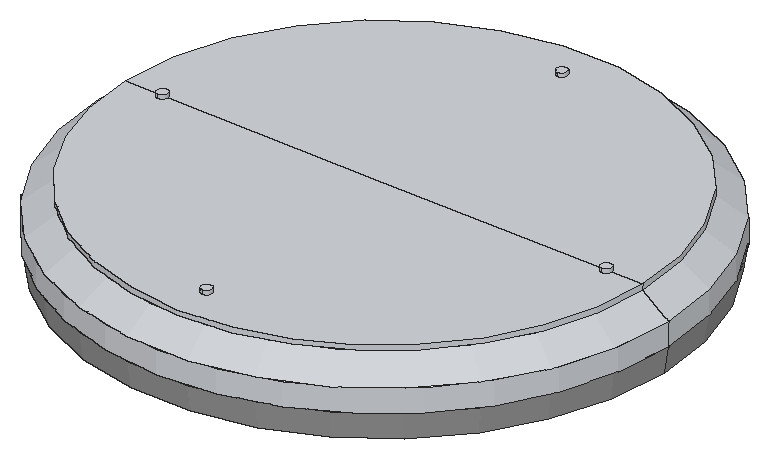
Revit family "A35-S555 BL 4000 HF 830_Unhosted", category Lighting Fixtures, Revit 2016
Family settings
  Part Type = Normal
  Round Connector Dimension = Use Diameter
  OmniClass Number = 23.80.70.00
  OmniClass Title = Lighting
  Work Plane-Based = No
  Always vertical = Yes
  Cut with Voids When Loaded = No
  Light Source = Yes
  Shared = No
  Room Calculation Point = No
Parameters
  Wiring Accessories = ""
  Wattage Comments = ""
  Wattage = 34 W
  VoltageMax = 240 V
  built-in parameter 1150110 = 1 (stored number, unit not read)
  Voltage = 220 V
  UpdateDate = "25.01.2021 10:33:33"
  URL UK = "http://glamox.com/uk/products/A35-S"
  URL Sweden = "http://glamox.com/se/produkter/A35-S/items/A35540572"
  URL Russia = "http://glamox.com/ru/products/A35-S"
  URL Other = "http://glamox.com/gsx/products/A35-S"
  URL Norway = "http://glamox.com/no/produkter/A35-S/items/A35540572"
  URL Ireland = "http://glamox.com/ie/products/A35-S"
  URL Germany = "http://glamox.com/de/products/A35-S/items/A35540572"
  URL Finland = "http://glamox.com/fi/products/A35-S"
  URL Estonia = "http://glamox.com/ee/products/A35-S"
  URL Denmark = "http://glamox.com/dk/produkter/A35-S/items/A35540572"
  URL = ""
  TypeOfEmergency = ""
  TypeOfBallast = "HF = High frequency"
  TotalWattage = 34 W
  Total Load = 34 W
  built-in parameter 1114217 = 1 (stored number, unit not read)
  Termination = "5x2x2,5 PI"
  Specification = "False"
  Remark = ""
  RatedVoltage = 220 V
  PowerFactor = 98.00%
  Plug Type = ""
  Optic = "OP"
  NominalFrequencyRange = 50 Hz
  ModelReference = "A35-S"
  ModelLabel = "A35-S555 BL 4000 HF 830"
  Maximum TA = 25
  MaintenanceFactor = 0
  MFArtNo = "A35540572"
  LightFixturePlacingType = "CEILING"
  LightFixtureMountingType = "SURFACE"
  LampBase = ""
  Lamp Wattage Comments = ""
  IP_Code = "54"
  IPClass = "54"
  IK_Code = ""
  IFC Classification = "Light Fixture"
  GlobalTradeItemNumber = "4741145405720"
  Glamox Mounting = "Surface"
  Glamox Family = "A35-S"
  Glamox Category = "Architectural"
  FrequencyMax = 60 Hz
  Frequency = 50 Hz
  Expired = "0"
  ELNo Norway = ""
  ELNo Finland = ""
  EANNo = "4741145405720"
  DurationInBatteryMode = ""
  Distance2 = Radius * 0.78  # 216.45 mm
  Tilt Angle = 90.00°
  built-in parameter 1150109 = 1 (stored number, unit not read)
  built-in parameter 1150134 = (empty or 0)
  built-in parameter 1150113 = 1 (stored number, unit not read)
  Power Factor = 0.98
  Photometric Web File = "A35-S555-4000-830.ies"
  Number of Poles = 1
  LumDiameter = Diameter  # 555 mm
  Load Classification [instance] = Lighting
  Model = ""
  Manufacturer = "Glamox"
  Lumens = 3928 lm
  built-in parameter 1150115 = 1 (stored number, unit not read)
  built-in parameter 1150105 = 312.58 (stored number, unit not read)
  built-in parameter 1150137 = (empty or 0)
  built-in parameter 1150139 = (empty or 0)
  built-in parameter 1150112 = 1 (stored number, unit not read)
  built-in parameter 1150114 = 1 (stored number, unit not read)
  Lamp = "LED"
  built-in parameter 1150132 = 2
  built-in parameter 1150102 = (empty or 0)
  built-in parameter 1150138 = (empty or 0)
  built-in parameter 1150107 = 3000 (stored number, unit not read)
  built-in parameter 1150106 = 3.1258 (stored number, unit not read)
  Height = 89 mm
  Emit from Circle Diameter = LumDiameter  # 555 mm
  Emit Shape Visible in Rendering = yes
  built-in parameter 1150104 = 10.733 (stored number, unit not read)
  Dimming Lamp Color Temperature Shift = Incandescent Lamp Curve
  Diameter = 555 mm
  Description = "A35-S555 BL 4000 HF 830"
  Cut Out = ""
  Completion = ""
  Color Filter = 16777215
  Radius = Diameter / 2  # 277.5 mm
  Body Material and Colour = Default
  built-in parameter 1114218 = 1 (stored number, unit not read)
  built-in parameter 1150133 = 10 (stored number, unit not read)
  Assembly Code = ""
  ArticleNumber = "A35540572"
  Apparent Load = Total Load / Power Factor  # 34.6939 VA
  #Ballast = 1
Reference planes
  plane 1 "Light Source Axis (F/B)": y = 292.909
  plane 2: z = 0
  plane 3 "Light Source Axis (L/R)": x = 0
  plane 4 "Light Source Elevation": z = -89
  plane 5: x = -273.5
  plane 6: z = -27
  plane 7: z = -8
  plane 8: x = -252.5
  plane 9: z = -3
  plane 10: y = -17.699
  plane 11: x = -277.5
  plane 12: z = -73
  plane 13: z = -49
  plane 14: y = 509.359
  plane 15: x = 216.45
  plane 16: y = 76.459
  plane 17: x = -216.45
Forms (mm)
  Extrusion 1, solid, not visible
    sketch origin (0, 0, 0) x (1, 0, 0) y (0, 1, 0)
      loop
        circle (67.5, 0) r 8
      loop
        circle (-33.75, 58.457) r 8
      loop
        circle (-33.75, -58.457) r 8
    from 0 to 2
  Revolve 2, solid, not visible
    sketch origin (0, 0, 0) x (1, 0, 0) y (0, 0, 1)
      loop
        line (-87.5, 2) -> (0, 2) -> (0, 30) -> (-107.5, 30)
        arc (-107.5, 30) -> (-102.36, 12.528) -> (-87.5, 2) r 27.766
      axis (0, 30) -> (0, 2)
    angle from 0 to 360
  Revolve 3, solid, not visible
    sketch origin (0, 0, 0) x (1, 0, 0) y (0, 0, 1)
      loop
        line (-107.5, 30) -> (0, 30) -> (0, 68)
        arc (0, 68) -> (-49.739, 64.357) -> (-97.5, 50) r 228.307
        arc (-97.5, 50) -> (-104.657, 41.079) -> (-107.5, 30) r 27.118
      axis (0, 68) -> (0, 30)
    angle from 0 to 360
  Revolve 4, solid
    sketch origin (0, 292.909, 0) x (1, 0, 0) y (0, 0, 1)
      loop
        line (0, -89) -> (0, -3) -> (-252.5, -3) -> (-252.5, -8) -> (-277.5, -27) -> (-277.5, -49) -> (-273.5, -73)
        arc (-273.5, -73) -> (-136.996, -85.207) -> (0, -89) r 2228.54
      axis (0, -3) -> (0, -89)
    angle from 0 to 360
  Extrusion 5, solid
    sketch origin (0, 0, -89) x (0, -1, 0) y (1, 0, 0)
      loop
        circle (-509.359, 0) r 5
      loop
        circle (-292.909, 216.45) r 5
      loop
        circle (-76.459, 0) r 5
      loop
        circle (-292.909, -216.45) r 5
    from 86 to 89
Lines and regions (mm)
  symbolic lines
    curve 1: arc (-277.5, 292.909, -89) -> (0, 570.409, -89) -> (277.5, 292.909, -89) r 277.5
    curve 2: arc (277.5, 292.909, -89) -> (0, 15.409, -89) -> (-277.5, 292.909, -89) r 277.5
    curve 3: line (0, 292.909, -89) -> (196.222, 489.132, -89)
    curve 4: line (0, 292.909, -89) -> (196.222, 96.687, -89)
    curve 5: line (0, 292.909, -89) -> (-196.222, 96.687, -89)
    curve 6: line (0, 292.909, -89) -> (-196.222, 489.132, -89)
Dimensions and locks
  "Radius": plane 3 "Light Source Axis (L/R)" to plane 11
  locked: plane 5 to plane 11 at 4
  locked: plane 8 to plane 11 at 25
  locked: plane 2 to plane 9 at 3
  locked: plane 9 to plane 7 at 5
  locked: plane 9 to plane 6 at 24
  locked: plane 6 to plane 13 at 22
  locked: plane 13 to plane 12 at 24
  "Height": plane 2 to plane 4 "Light Source Elevation"
  equal spacing: plane 14, plane 1 "Light Source Axis (F/B)", plane 16
  equal spacing: plane 17, plane 3 "Light Source Axis (L/R)", plane 15
  "Distance2": plane 1 "Light Source Axis (F/B)" to plane 14
  "Distance2": plane 3 "Light Source Axis (L/R)" to plane 15
  locked: plane 1 "Light Source Axis (F/B)" to curve 3 (angle 45.00°)
  locked: curve 4 to plane 1 "Light Source Axis (F/B)" (angle 45.00°)
  locked: curve 5 to curve 4 (angle 90.00°)
  locked: curve 3 to curve 6 (angle 90.00°)
  aligned and locked: plane 1 "Light Source Axis (F/B)" to imposter light
  aligned and locked: plane 4 "Light Source Elevation" to imposter light
  aligned and locked: Revolve 4 sketch curve to plane 9
  aligned and locked: plane 3 "Light Source Axis (L/R)" to Revolve 4 sketch curve
  aligned and locked: Revolve 4 sketch curve to plane 11
  aligned and locked: Revolve 4 sketch curve to plane 8
  aligned and locked: plane 6 to Revolve 4 sketch curve
  aligned and locked: plane 13 to Revolve 4 sketch curve
  aligned and locked: plane 12 to Revolve 4 sketch curve
  aligned and locked: plane 4 "Light Source Elevation" to Revolve 4 sketch curve
  aligned and locked: Revolve 4 sketch curve to plane 3 "Light Source Axis (L/R)"
  aligned and locked: plane 9 to Extrusion 5
  aligned and locked: plane 2 to Extrusion 5
  aligned and locked: curve 1 to Revolve 4
  aligned and locked: curve 2 to Revolve 4
Automatic sketch dimensions
  Revolve 4 sketch curve to plane 5 = 0 mm
  Revolve 4 sketch curve to plane 7 = 0 mm
  Revolve 4 sketch curve to plane 3 "Light Source Axis (L/R)" = 6.847 mm
  Revolve 4 sketch curve to Revolve 4 sketch curve = 190.696 mm
  Revolve 4 sketch curve to Revolve 4 sketch curve = 740.025 mm
  Extrusion 5 sketch curve to plane 3 "Light Source Axis (L/R)" = 0 mm  (x2)
  Extrusion 5 sketch curve to plane 14 = 0 mm
  plane 1 "Light Source Axis (F/B)" to Extrusion 5 sketch curve = 0 mm  (x2)
  plane 16 to Extrusion 5 sketch curve = 0 mm
  Extrusion 5 sketch curve to plane 17 = 0 mm
  Extrusion 5 sketch curve to plane 15 = 0 mm
  plane 1 "Light Source Axis (F/B)" to curve 3 = 0 mm
  curve 6 to plane 3 "Light Source Axis (L/R)" = 0 mm
  radius of Extrusion 5 sketch curve = 5 mm  (x4)
Connectors
  electrical at (0, 292.909, -3), driven by "Load Classification", driven by "Voltage", driven by "Apparent Load", driven by "Power Factor"
    settings: on Revolve 4, index 1, voltage 220 V, apparent load 0 VA, apparent load phase1 34.6939 VA, apparent load phase2 0 VA, apparent load phase3 0 VA, power factor 0.98, load classification "Lighting", number of poles 1, system type 31, power factor state 1, is connector primary yes, connector utility no, sub classification motor no, connector description ""
